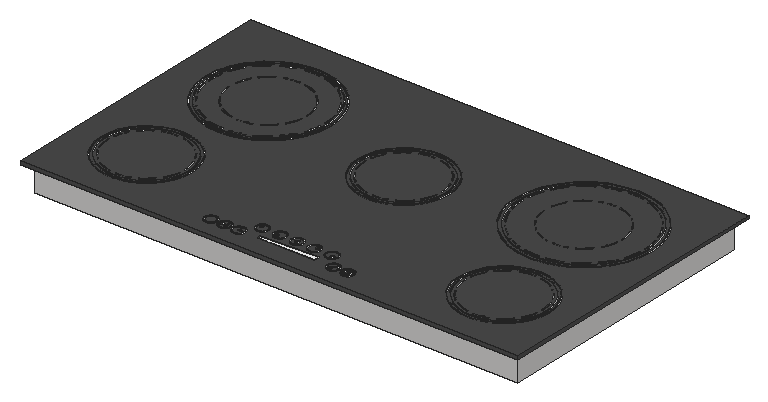
Revit family "QF_Summit_CR5B36T9B_Electric Cooktop", category Specialty Equipment, Revit 2020
Family settings
  Round Connector Dimension = Use Diameter
  Part Type = Normal
  Work Plane-Based = No
  Always vertical = Yes
  Cut with Voids When Loaded = No
  Shared = No
  Room Calculation Point = No
Parameters
  Weight in Pounds = 36
  Watts = Volts * FL Amps  # 7200 W
  Volts = 240 V
  URL Cutsheet = ""
  Specification by User = ""
  Specification by Manufacturer = ""
  Serial Number = ""
  Seismic Rating = ""
  SMACNA No = ""
  Revision Code = ""
  Phase = 1
  Number of Poles = 1
  NAFEM Spec ID Number = ""
  Model = "CR5B36T9B"
  Min Ckt Ampacity = 0 A
  Max Overcurrent Protection = 0 A
  Masterspec = ""
  Manufacturer = "Summit"
  Length = 35 1/2"
  Item Number = ""
  Installed By = ""
  Identify Quantity as Lot = yes
  Height = 2.13"
  HP = ""
  Furnished By = ""
  Foodservice Equipment Identifier = yes
  FL Amps = 30 A
  Electrical Remarks = ""
  Electric Connection Type = ""
  Elec Conn RI Height = 0"
  Elec Conn Connection Height = 0"
  Description = "Electric Cooktop"
  Depth = 20 1/2"
  Default Elevation = 0"
  Cycle = 60 Hz
  Conn Plug = ""
  Conn Conduit = yes
  CSI MasterFormat = ""
  Apparent Power = if(Phase = 3, Volts * FL Amps * 1.73, Volts * FL Amps)  # 7200 VA
Reference planes (in)
  plane 1 "BACK": y = 0
  plane 2: z = 0
  plane 3 "LEFT": x = 0
  plane 4 "RIGHT": x = 35.5
  plane 5 "FRONT": y = -20.5
  plane 6 "TOP": z = 2.13
  plane 7 "Center Y": x = 17.75
  plane 8 "Center X": y = -10.25
  plane 9: y = -19.875
  plane 10: y = -0.625
  plane 11: x = 0.5
  plane 12: x = 35
  plane 13: z = 1.88
  plane 14: z = -1
Forms (in)
  Extrusion 1, solid, material "QF_Plastic_Black_Smooth"
    sketch origin (-1.19104, -180, 1.88) x (-1, 0, 0) y (0, -1, 0)
      loop
        line (-1.19104, -180) -> (-1.19104, -159.5) -> (-36.69104, -159.5) -> (-36.69104, -180) -> (-1.19104, -180)
      loop
        circle (-18.94104, -171.46642) r 3.25
      loop
        circle (-18.94104, -171.46642) r 3.1875
      loop
        circle (-18.94104, -171.46642) r 3.01918
      loop
        circle (-18.94104, -171.46642) r 2.98793
      loop
        arc (-16.54883, -172.87489) -> (-16.33416, -172.42069) -> (-16.20486, -171.93525) r 2.77605
        line (-16.20486, -171.93525) -> (-16.23566, -171.92997)
        arc (-16.23566, -171.92997) -> (-16.3635, -172.40995) -> (-16.57576, -172.85904) r 2.7448
        line (-16.57576, -172.85904) -> (-16.54883, -172.87489)
      loop
        line (-16.80517, -173.2397) -> (-16.82921, -173.21974)
        arc (-16.82921, -173.21974) -> (-17.1654, -173.55952) -> (-17.55544, -173.83582) r 2.7448
        line (-17.55544, -173.83582) -> (-17.53966, -173.86279)
        arc (-17.53966, -173.86279) -> (-17.14519, -173.58335) -> (-16.80517, -173.2397) r 2.77605
      loop
        line (-17.9821, -174.07159) -> (-17.99289, -174.04226)
        arc (-17.99289, -174.04226) -> (-18.47424, -174.17124) -> (-18.97098, -174.21106) r 2.7448
        line (-18.97098, -174.21106) -> (-18.97098, -174.24231)
        arc (-18.97098, -174.24231) -> (-18.46876, -174.202) -> (-17.9821, -174.07159) r 2.77605
      loop
        line (-19.44184, -174.19692) -> (-19.4362, -174.16619)
        arc (-19.4362, -174.16619) -> (-19.89875, -174.03872) -> (-20.33204, -173.83265) r 2.7448
        line (-20.33204, -173.83265) -> (-20.34788, -173.85959)
        arc (-20.34788, -173.85959) -> (-19.90966, -174.068) -> (-19.44184, -174.19692) r 2.77605
      loop
        arc (-20.68976, -173.58205) -> (-21.04777, -173.22586) -> (-21.33446, -172.8101) r 2.7448
        line (-21.33446, -172.8101) -> (-21.3617, -172.8254)
        arc (-21.3617, -172.8254) -> (-21.0727, -173.24475) -> (-20.71196, -173.60425) r 2.77605
        line (-20.71196, -173.60425) -> (-20.68976, -173.58205)
      loop
        arc (-21.52712, -172.38625) -> (-21.64757, -171.92317) -> (-21.68577, -171.4462) r 2.7448
        line (-21.68577, -171.4462) -> (-21.71702, -171.4462)
        arc (-21.71702, -171.4462) -> (-21.67836, -171.92848) -> (-21.55657, -172.39673) r 2.77605
        line (-21.55657, -172.39673) -> (-21.52712, -172.38625)
      loop
        arc (-21.64607, -171.00085) -> (-21.51951, -170.52544) -> (-21.31011, -170.08027) r 2.7448
        line (-21.31011, -170.08027) -> (-21.33709, -170.06449)
        arc (-21.33709, -170.06449) -> (-21.54886, -170.51473) -> (-21.67686, -170.99555) r 2.77605
        line (-21.67686, -170.99555) -> (-21.64607, -171.00085)
      loop
        arc (-21.0469, -169.70594) -> (-20.70919, -169.367) -> (-20.31776, -169.09185) r 2.7448
        line (-20.31776, -169.09185) -> (-20.33343, -169.06481)
        arc (-20.33343, -169.06481) -> (-20.72826, -169.3422) -> (-21.06908, -169.68376) r 2.77605
        line (-21.06908, -169.68376) -> (-21.0469, -169.70594)
      loop
        arc (-19.89556, -168.89293) -> (-19.4312, -168.76574) -> (-18.95175, -168.72164) r 2.7448
        line (-18.95175, -168.72164) -> (-18.95175, -168.69039)
        arc (-18.95175, -168.69039) -> (-19.43672, -168.73498) -> (-19.90643, -168.86363) r 2.77605
        line (-19.90643, -168.86363) -> (-19.89556, -168.89293)
      loop
        arc (-18.52224, -168.75375) -> (-18.01144, -168.88382) -> (-17.53492, -169.10913) r 2.7448
        line (-17.53492, -169.10913) -> (-17.51892, -169.0823)
        arc (-17.51892, -169.0823) -> (-18.00086, -168.85442) -> (-18.51747, -168.72287) r 2.77605
        line (-18.51747, -168.72287) -> (-18.52224, -168.75375)
      loop
        arc (-17.19797, -169.34612) -> (-16.83577, -169.70523) -> (-16.54626, -170.12516) r 2.7448
        line (-16.54626, -170.12516) -> (-16.51899, -170.10989)
        arc (-16.51899, -170.10989) -> (-16.81082, -169.68635) -> (-17.17577, -169.32392) r 2.77605
        line (-17.17577, -169.32392) -> (-17.19797, -169.34612)
      loop
        arc (-16.36345, -170.52304) -> (-16.23531, -171.00493) -> (-16.19647, -171.50206) r 2.7448
        line (-16.19647, -171.50206) -> (-16.16521, -171.50206)
        arc (-16.16521, -171.50206) -> (-16.20454, -170.99948) -> (-16.3341, -170.5123) r 2.77605
        line (-16.3341, -170.5123) -> (-16.36345, -170.52304)
      loop
        circle (-30.19126, -173.46615) r 4.875
      loop
        circle (-30.19126, -173.46615) r 4.8125
      loop
        circle (-30.19126, -173.46615) r 4.60317
      loop
        circle (-30.19126, -173.46615) r 4.57192
      loop
        arc (-33.55067, -170.61218) -> (-33.87549, -171.04598) -> (-34.14463, -171.51637) r 4.40804
        line (-34.14463, -171.51637) -> (-34.1166, -171.53019)
        arc (-34.1166, -171.53019) -> (-33.85007, -171.0642) -> (-33.5285, -170.63435) r 4.37679
        line (-33.5285, -170.63435) -> (-33.55067, -170.61218)
      loop
        arc (-32.38609, -169.64339) -> (-32.82573, -169.93198) -> (-33.22787, -170.27088) r 4.40804
        line (-33.22787, -170.27088) -> (-33.20577, -170.29298)
        arc (-33.20577, -170.29298) -> (-32.80673, -169.9568) -> (-32.37053, -169.67049) r 4.37679
        line (-32.37053, -169.67049) -> (-32.38609, -169.64339)
      loop
        line (-34.29842, -171.95371) -> (-34.32775, -171.94291)
        arc (-34.32775, -171.94291) -> (-34.4786, -172.44171) -> (-34.56954, -172.95482) r 4.40804
        line (-34.56954, -172.95482) -> (-34.5385, -172.95844)
        arc (-34.5385, -172.95844) -> (-34.44821, -172.44897) -> (-34.29842, -171.95371) r 4.37679
      loop
        line (-34.56802, -173.45077) -> (-34.59927, -173.45077)
        arc (-34.59927, -173.45077) -> (-34.57069, -173.96751) -> (-34.48175, -174.47735) r 4.40804
        line (-34.48175, -174.47735) -> (-34.45133, -174.47018)
        arc (-34.45133, -174.47018) -> (-34.53965, -173.96391) -> (-34.56802, -173.45077) r 4.37679
      loop
        line (-34.31241, -174.94005) -> (-34.34184, -174.95057)
        arc (-34.34184, -174.95057) -> (-34.12961, -175.44611) -> (-33.85848, -175.91203) r 4.40804
        line (-33.85848, -175.91203) -> (-33.83248, -175.89469)
        arc (-33.83248, -175.89469) -> (-34.10169, -175.43207) -> (-34.31241, -174.94005) r 4.37679
      loop
        line (-33.56084, -176.25939) -> (-33.5849, -176.27933)
        arc (-33.5849, -176.27933) -> (-33.2044, -176.68357) -> (-32.77611, -177.03678) r 4.40804
        line (-32.77611, -177.03678) -> (-32.75373, -177.0144)
        arc (-32.75373, -177.0144) -> (-33.18121, -176.66247) -> (-33.56084, -176.25939) r 4.37679
      loop
        line (-32.41796, -177.23419) -> (-32.43386, -177.26109)
        arc (-32.43386, -177.26109) -> (-31.94732, -177.5093) -> (-31.43382, -177.69544) r 4.40804
        line (-31.43382, -177.69544) -> (-31.42502, -177.66545)
        arc (-31.42502, -177.66545) -> (-31.93487, -177.48064) -> (-32.41796, -177.23419) r 4.37679
      loop
        line (-30.97311, -177.77254) -> (-30.97869, -177.80329)
        arc (-30.97869, -177.80329) -> (-30.45041, -177.86657) -> (-29.91836, -177.86574) r 4.40804
        line (-29.91836, -177.86574) -> (-29.92029, -177.83455)
        arc (-29.92029, -177.83455) -> (-30.44858, -177.83537) -> (-30.97311, -177.77254) r 4.37679
      loop
        line (-29.45649, -177.78083) -> (-29.45125, -177.81163)
        arc (-29.45125, -177.81163) -> (-28.93019, -177.68996) -> (-28.42772, -177.50605) r 4.40804
        line (-28.42772, -177.50605) -> (-28.44022, -177.47741)
        arc (-28.44022, -177.47741) -> (-28.93913, -177.66002) -> (-29.45649, -177.78083) r 4.37679
      loop
        line (-28.00559, -177.25814) -> (-27.98999, -177.28522)
        arc (-27.98999, -177.28522) -> (-27.55416, -176.99837) -> (-27.15528, -176.66204) r 4.40804
        line (-27.15528, -176.66204) -> (-27.17739, -176.63993)
        arc (-27.17739, -176.63993) -> (-27.57318, -176.97357) -> (-28.00559, -177.25814) r 4.37679
      loop
        line (-26.84889, -176.2919) -> (-26.82502, -176.31208)
        arc (-26.82502, -176.31208) -> (-26.50597, -175.88473) -> (-26.24087, -175.42198) r 4.40804
        line (-26.24087, -175.42198) -> (-26.26887, -175.40811)
        arc (-26.26887, -175.40811) -> (-26.5321, -175.86758) -> (-26.84889, -176.2919) r 4.37679
      loop
        line (-26.09327, -175.00329) -> (-26.06401, -175.01426)
        arc (-26.06401, -175.01426) -> (-25.90511, -174.4956) -> (-25.81112, -173.96136) r 4.40804
        line (-25.81112, -173.96136) -> (-25.84217, -173.95785)
        arc (-25.84217, -173.95785) -> (-25.93549, -174.48831) -> (-26.09327, -175.00329) r 4.37679
      loop
        line (-25.81456, -173.4948) -> (-25.78331, -173.4948)
        arc (-25.78331, -173.4948) -> (-25.81396, -172.94643) -> (-25.91257, -172.40614) r 4.40804
        line (-25.91257, -172.40614) -> (-25.9429, -172.41365)
        arc (-25.9429, -172.41365) -> (-25.84498, -172.95022) -> (-25.81456, -173.4948) r 4.37679
      loop
        line (-26.07387, -171.98176) -> (-26.04447, -171.97116)
        arc (-26.04447, -171.97116) -> (-26.26009, -171.47198) -> (-26.53552, -171.00315) r 4.40804
        line (-26.53552, -171.00315) -> (-26.56143, -171.02061)
        arc (-26.56143, -171.02061) -> (-26.28795, -171.48612) -> (-26.07387, -171.98176) r 4.37679
      loop
        line (-26.84402, -170.64617) -> (-26.82184, -170.62399)
        arc (-26.82184, -170.62399) -> (-27.19653, -170.23158) -> (-27.61659, -169.88817) r 4.40804
        line (-27.61659, -169.88817) -> (-27.63484, -169.91354)
        arc (-27.63484, -169.91354) -> (-27.21679, -170.25541) -> (-26.84402, -170.64617) r 4.37679
      loop
        arc (-28.00774, -169.63691) -> (-28.48286, -169.40263) -> (-28.98266, -169.22703) r 4.40804
        line (-28.98266, -169.22703) -> (-28.99123, -169.25709)
        arc (-28.99123, -169.25709) -> (-28.49497, -169.43144) -> (-28.02322, -169.66406) r 4.37679
        line (-28.02322, -169.66406) -> (-28.00774, -169.63691)
      loop
        arc (-29.42512, -169.1252) -> (-29.96593, -169.06387) -> (-30.51017, -169.06966) r 4.40804
        line (-30.51017, -169.06966) -> (-30.51017, -169.101)
        arc (-30.51017, -169.101) -> (-29.96866, -169.09503) -> (-29.43056, -169.15597) r 4.37679
        line (-29.43056, -169.15597) -> (-29.42512, -169.1252)
      loop
        arc (-30.95802, -169.12531) -> (-31.47484, -169.24914) -> (-31.97301, -169.43426) r 4.40804
        line (-31.97301, -169.43426) -> (-31.96038, -169.46284)
        arc (-31.96038, -169.46284) -> (-31.46574, -169.27903) -> (-30.95258, -169.15608) r 4.37679
        line (-30.95258, -169.15608) -> (-30.95802, -169.12531)
      loop
        circle (-15.58271, -160.98371) r 0.42869
      loop
        circle (-15.58271, -160.98371) r 0.39744
      loop
        line (-15.53142, -160.93163) -> (-15.91011, -160.9984) -> (-15.60095, -161.02545) -> (-15.56514, -161.31706) -> (-15.53142, -160.93163)
      loop
        arc (-28.82562, -175.85311) -> (-28.41873, -175.56869) -> (-28.06961, -175.21576) r 2.75
        line (-28.06961, -175.21576) -> (-28.09372, -175.19587)
        arc (-28.09372, -175.19587) -> (-28.43887, -175.5448) -> (-28.84114, -175.82598) r 2.71875
        line (-28.84114, -175.82598) -> (-28.82562, -175.85311)
      loop
        arc (-27.8225, -174.86311) -> (-27.61447, -174.42672) -> (-27.48608, -173.96065) r 2.75
        line (-27.48608, -173.96065) -> (-27.51682, -173.95503)
        arc (-27.51682, -173.95503) -> (-27.64376, -174.41581) -> (-27.84942, -174.84724) r 2.71875
        line (-27.84942, -174.84724) -> (-27.8225, -174.86311)
      loop
        line (-29.23006, -176.0427) -> (-29.24098, -176.01342)
        arc (-29.24098, -176.01342) -> (-29.73955, -176.14712) -> (-30.2544, -176.18417) r 2.71875
        line (-30.2544, -176.18417) -> (-30.2544, -176.21543)
        arc (-30.2544, -176.21543) -> (-29.734, -176.17787) -> (-29.23006, -176.0427) r 2.75
      loop
        line (-30.64157, -176.17903) -> (-30.63645, -176.1482)
        arc (-30.63645, -176.1482) -> (-31.11903, -176.0217) -> (-31.57036, -175.80916) r 2.71875
        line (-31.57036, -175.80916) -> (-31.58621, -175.83609)
        arc (-31.58621, -175.83609) -> (-31.12969, -176.05108) -> (-30.64157, -176.17903) r 2.75
      loop
        line (-31.91687, -175.60736) -> (-31.89726, -175.58302)
        arc (-31.89726, -175.58302) -> (-32.26827, -175.22046) -> (-32.56367, -174.79404) r 2.71875
        line (-32.56367, -174.79404) -> (-32.59093, -174.8093)
        arc (-32.59093, -174.8093) -> (-32.29214, -175.24063) -> (-31.91687, -175.60736) r 2.75
      loop
        arc (-32.73494, -174.42599) -> (-32.86588, -173.95399) -> (-32.91001, -173.46615) r 2.71875
        line (-32.91001, -173.46615) -> (-32.94126, -173.46615)
        arc (-32.94126, -173.46615) -> (-32.89662, -173.95959) -> (-32.76418, -174.43702) r 2.75
        line (-32.76418, -174.43702) -> (-32.73494, -174.42599)
      loop
        arc (-32.87359, -173.02266) -> (-32.74865, -172.54348) -> (-32.53888, -172.09492) r 2.71875
        line (-32.53888, -172.09492) -> (-32.56586, -172.07916)
        arc (-32.56586, -172.07916) -> (-32.77805, -172.53288) -> (-32.90442, -173.01756) r 2.75
        line (-32.90442, -173.01756) -> (-32.87359, -173.02266)
      loop
        arc (-32.27749, -171.72282) -> (-31.93612, -171.3812) -> (-31.53969, -171.10537) r 2.71875
        line (-31.53969, -171.10537) -> (-31.55519, -171.07823)
        arc (-31.55519, -171.07823) -> (-31.95511, -171.35633) -> (-32.29968, -171.70063) r 2.75
        line (-32.29968, -171.70063) -> (-32.27749, -171.72282)
      loop
        arc (-31.12024, -170.91104) -> (-30.65344, -170.78698) -> (-30.17205, -170.74747) r 2.71875
        line (-30.17205, -170.74747) -> (-30.17205, -170.71622)
        arc (-30.17205, -170.71622) -> (-30.65886, -170.7562) -> (-31.13091, -170.88167) r 2.75
        line (-31.13091, -170.88167) -> (-31.12024, -170.91104)
      loop
        arc (-29.72401, -170.78785) -> (-29.24876, -170.91599) -> (-28.80441, -171.12772) r 2.71875
        line (-28.80441, -171.12772) -> (-28.78847, -171.10084)
        arc (-28.78847, -171.10084) -> (-29.23793, -170.88668) -> (-29.71864, -170.75707) r 2.75
        line (-29.71864, -170.75707) -> (-29.72401, -170.78785)
      loop
        line (-28.43483, -171.35015) -> (-28.45479, -171.37419)
        arc (-28.45479, -171.37419) -> (-28.10347, -171.72467) -> (-27.82171, -172.13316) r 2.71875
        line (-27.82171, -172.13316) -> (-27.79448, -172.11784)
        arc (-27.79448, -172.11784) -> (-28.07948, -171.70465) -> (-28.43483, -171.35015) r 2.75
      loop
        line (-27.6023, -172.53889) -> (-27.63172, -172.54942)
        arc (-27.63172, -172.54942) -> (-27.52842, -172.91759) -> (-27.4778, -173.29661) r 2.71875
        line (-27.4778, -173.29661) -> (-27.44649, -173.29661)
        arc (-27.44649, -173.29661) -> (-27.49762, -172.91224) -> (-27.6023, -172.53889) r 2.75
      loop
        circle (-7.70729, -173.46615) r 4.5
      loop
        circle (-7.70729, -173.46615) r 4.4375
      loop
        circle (-7.70729, -173.46615) r 4.25
      loop
        circle (-7.70729, -173.46615) r 4.21875
      loop
        arc (-3.72876, -174.27175) -> (-3.65752, -173.74377) -> (-3.65604, -173.211) r 4.05928
        line (-3.65604, -173.211) -> (-3.68735, -173.211)
        arc (-3.68735, -173.211) -> (-3.68863, -173.74065) -> (-3.75938, -174.26555) r 4.02803
        line (-3.75938, -174.26555) -> (-3.72876, -174.27175)
      loop
        line (-3.84372, -174.71137) -> (-3.87347, -174.70178)
        arc (-3.87347, -174.70178) -> (-4.06017, -175.17599) -> (-4.30527, -175.62282) r 4.02803
        line (-4.30527, -175.62282) -> (-4.27887, -175.63956)
        arc (-4.27887, -175.63956) -> (-4.03188, -175.18925) -> (-3.84372, -174.71137) r 4.05928
      loop
        line (-4.53665, -176.00087) -> (-4.56106, -175.98136)
        arc (-4.56106, -175.98136) -> (-4.91272, -176.36708) -> (-5.3113, -176.70409) r 4.02803
        line (-5.3113, -176.70409) -> (-5.29271, -176.72921)
        arc (-5.29271, -176.72921) -> (-4.89104, -176.38958) -> (-4.53665, -176.00087) r 4.05928
      loop
        line (-5.69271, -176.99024) -> (-5.70822, -176.96311)
        arc (-5.70822, -176.96311) -> (-6.15489, -177.18302) -> (-6.62528, -177.34614) r 4.02803
        line (-6.62528, -177.34614) -> (-6.61689, -177.37624)
        arc (-6.61689, -177.37624) -> (-6.14285, -177.21185) -> (-5.69271, -176.99024) r 4.05928
      loop
        line (-7.09267, -177.47863) -> (-7.0974, -177.44774)
        arc (-7.0974, -177.44774) -> (-7.62153, -177.49327) -> (-8.14713, -177.4701) r 4.02803
        line (-8.14713, -177.4701) -> (-8.15054, -177.50116)
        arc (-8.15054, -177.50116) -> (-7.62087, -177.52451) -> (-7.09267, -177.47863) r 4.05928
      loop
        line (-8.56631, -177.4335) -> (-8.55969, -177.40296)
        arc (-8.55969, -177.40296) -> (-9.06866, -177.25716) -> (-9.5541, -177.04586) r 4.02803
        line (-9.5541, -177.04586) -> (-9.56843, -177.07364)
        arc (-9.56843, -177.07364) -> (-9.07922, -177.28657) -> (-8.56631, -177.4335) r 4.05928
      loop
        line (-9.97421, -176.83347) -> (-9.95676, -176.80755)
        arc (-9.95676, -176.80755) -> (-10.34054, -176.51427) -> (-10.68646, -176.17716) r 4.02803
        line (-10.68646, -176.17716) -> (-10.70859, -176.19928)
        arc (-10.70859, -176.19928) -> (-10.36041, -176.5384) -> (-9.97421, -176.83347) r 4.05928
      loop
        line (-11.00572, -175.83219) -> (-10.98032, -175.81398)
        arc (-10.98032, -175.81398) -> (-11.25324, -175.37698) -> (-11.46815, -174.90871) r 4.02803
        line (-11.46815, -174.90871) -> (-11.49733, -174.9199)
        arc (-11.49733, -174.9199) -> (-11.28075, -175.3918) -> (-11.00572, -175.83219) r 4.05928
      loop
        line (-11.63951, -174.47384) -> (-11.60923, -174.46609)
        arc (-11.60923, -174.46609) -> (-11.70368, -173.97008) -> (-11.73532, -173.46615) r 4.02803
        line (-11.73532, -173.46615) -> (-11.76657, -173.46615)
        arc (-11.76657, -173.46615) -> (-11.73468, -173.97399) -> (-11.63951, -174.47384) r 4.05928
      loop
        line (-11.74134, -173.01425) -> (-11.71028, -173.01773)
        arc (-11.71028, -173.01773) -> (-11.61898, -172.50505) -> (-11.4623, -172.00844) r 4.02803
        line (-11.4623, -172.00844) -> (-11.49143, -171.99713)
        arc (-11.49143, -171.99713) -> (-11.64933, -172.4976) -> (-11.74134, -173.01425) r 4.05928
      loop
        line (-11.29076, -171.55919) -> (-11.26317, -171.57387)
        arc (-11.26317, -171.57387) -> (-10.99874, -171.14422) -> (-10.68268, -170.75099) r 4.02803
        line (-10.68268, -170.75099) -> (-10.7048, -170.72887)
        arc (-10.7048, -170.72887) -> (-11.02387, -171.12562) -> (-11.29076, -171.55919) r 4.05928
      loop
        line (-10.37148, -170.40349) -> (-10.34933, -170.42565)
        arc (-10.34933, -170.42565) -> (-9.94734, -170.11844) -> (-9.51001, -169.86404) r 4.02803
        line (-9.51001, -169.86404) -> (-9.524, -169.83609)
        arc (-9.524, -169.83609) -> (-9.96563, -170.09307) -> (-10.37148, -170.40349) r 4.05928
      loop
        line (-9.14096, -169.66847) -> (-9.12992, -169.69771)
        arc (-9.12992, -169.69771) -> (-8.61247, -169.54115) -> (-8.07871, -169.45528) r 4.02803
        line (-8.07871, -169.45528) -> (-8.08159, -169.42417)
        arc (-8.08159, -169.42417) -> (-8.61949, -169.5107) -> (-9.14096, -169.66847) r 4.05928
      loop
        line (-7.65885, -169.40716) -> (-7.65885, -169.43841)
        arc (-7.65885, -169.43841) -> (-7.12352, -169.48065) -> (-6.59858, -169.59372) r 4.02803
        line (-6.59858, -169.59372) -> (-6.58997, -169.56367)
        arc (-6.58997, -169.56367) -> (-7.11918, -169.4497) -> (-7.65885, -169.40716) r 4.05928
      loop
        line (-6.18841, -169.70175) -> (-6.2001, -169.73073)
        arc (-6.2001, -169.73073) -> (-5.72935, -169.9572) -> (-5.29187, -170.24268) r 4.02803
        line (-5.29187, -170.24268) -> (-5.27313, -170.21768)
        arc (-5.27313, -170.21768) -> (-5.71401, -169.92997) -> (-6.18841, -169.70175) r 4.05928
      loop
        line (-4.90686, -170.52756) -> (-4.92896, -170.54966)
        arc (-4.92896, -170.54966) -> (-4.57887, -170.92884) -> (-4.28012, -171.34967) r 4.02803
        line (-4.28012, -171.34967) -> (-4.25353, -171.33325)
        arc (-4.25353, -171.33325) -> (-4.55436, -170.90945) -> (-4.90686, -170.52756) r 4.05928
      loop
        line (-4.03316, -171.74032) -> (-4.06145, -171.75361)
        arc (-4.06145, -171.75361) -> (-3.87457, -172.22709) -> (-3.74891, -172.72036) r 4.02803
        line (-3.74891, -172.72036) -> (-3.7182, -172.71457)
        arc (-3.7182, -172.71457) -> (-3.84484, -172.21748) -> (-4.03316, -171.74032) r 4.05928
      loop
        arc (-6.34166, -175.85311) -> (-5.93477, -175.56869) -> (-5.58564, -175.21576) r 2.75
        line (-5.58564, -175.21576) -> (-5.60975, -175.19587)
        arc (-5.60975, -175.19587) -> (-5.95491, -175.5448) -> (-6.35718, -175.82598) r 2.71875
        line (-6.35718, -175.82598) -> (-6.34166, -175.85311)
      loop
        arc (-5.33854, -174.86311) -> (-5.13051, -174.42672) -> (-5.00212, -173.96065) r 2.75
        line (-5.00212, -173.96065) -> (-5.03286, -173.95503)
        arc (-5.03286, -173.95503) -> (-5.15979, -174.41581) -> (-5.36546, -174.84724) r 2.71875
        line (-5.36546, -174.84724) -> (-5.33854, -174.86311)
      loop
        line (-6.7461, -176.0427) -> (-6.75702, -176.01342)
        arc (-6.75702, -176.01342) -> (-7.25559, -176.14712) -> (-7.77043, -176.18417) r 2.71875
        line (-7.77043, -176.18417) -> (-7.77043, -176.21543)
        arc (-7.77043, -176.21543) -> (-7.25004, -176.17787) -> (-6.7461, -176.0427) r 2.75
      loop
        line (-8.15761, -176.17903) -> (-8.15249, -176.1482)
        arc (-8.15249, -176.1482) -> (-8.63506, -176.0217) -> (-9.0864, -175.80916) r 2.71875
        line (-9.0864, -175.80916) -> (-9.10225, -175.83609)
        arc (-9.10225, -175.83609) -> (-8.64573, -176.05108) -> (-8.15761, -176.17903) r 2.75
      loop
        line (-9.43291, -175.60736) -> (-9.4133, -175.58302)
        arc (-9.4133, -175.58302) -> (-9.78431, -175.22046) -> (-10.0797, -174.79404) r 2.71875
        line (-10.0797, -174.79404) -> (-10.10697, -174.8093)
        arc (-10.10697, -174.8093) -> (-9.80818, -175.24063) -> (-9.43291, -175.60736) r 2.75
      loop
        arc (-10.25098, -174.42599) -> (-10.38192, -173.95399) -> (-10.42604, -173.46615) r 2.71875
        line (-10.42604, -173.46615) -> (-10.45729, -173.46615)
        arc (-10.45729, -173.46615) -> (-10.41266, -173.95959) -> (-10.28021, -174.43702) r 2.75
        line (-10.28021, -174.43702) -> (-10.25098, -174.42599)
      loop
        arc (-10.38963, -173.02266) -> (-10.26469, -172.54348) -> (-10.05491, -172.09492) r 2.71875
        line (-10.05491, -172.09492) -> (-10.0819, -172.07916)
        arc (-10.0819, -172.07916) -> (-10.29409, -172.53288) -> (-10.42046, -173.01756) r 2.75
        line (-10.42046, -173.01756) -> (-10.38963, -173.02266)
      loop
        arc (-9.79353, -171.72282) -> (-9.45216, -171.3812) -> (-9.05573, -171.10537) r 2.71875
        line (-9.05573, -171.10537) -> (-9.07123, -171.07823)
        arc (-9.07123, -171.07823) -> (-9.47114, -171.35633) -> (-9.81571, -171.70063) r 2.75
        line (-9.81571, -171.70063) -> (-9.79353, -171.72282)
      loop
        arc (-8.63627, -170.91104) -> (-8.16948, -170.78698) -> (-7.68809, -170.74747) r 2.71875
        line (-7.68809, -170.74747) -> (-7.68809, -170.71622)
        arc (-7.68809, -170.71622) -> (-8.1749, -170.7562) -> (-8.64695, -170.88167) r 2.75
        line (-8.64695, -170.88167) -> (-8.63627, -170.91104)
      loop
        arc (-7.24005, -170.78785) -> (-6.7648, -170.91599) -> (-6.32045, -171.12772) r 2.71875
        line (-6.32045, -171.12772) -> (-6.3045, -171.10084)
        arc (-6.3045, -171.10084) -> (-6.75397, -170.88668) -> (-7.23468, -170.75707) r 2.75
        line (-7.23468, -170.75707) -> (-7.24005, -170.78785)
      loop
        line (-5.95087, -171.35015) -> (-5.97083, -171.37419)
        arc (-5.97083, -171.37419) -> (-5.61951, -171.72467) -> (-5.33775, -172.13316) r 2.71875
        line (-5.33775, -172.13316) -> (-5.31051, -172.11784)
        arc (-5.31051, -172.11784) -> (-5.59551, -171.70465) -> (-5.95087, -171.35015) r 2.75
      loop
        line (-5.11834, -172.53889) -> (-5.14776, -172.54942)
        arc (-5.14776, -172.54942) -> (-5.04446, -172.91759) -> (-4.99383, -173.29661) r 2.71875
        line (-4.99383, -173.29661) -> (-4.96252, -173.29661)
        arc (-4.96252, -173.29661) -> (-5.01366, -172.91224) -> (-5.11834, -172.53889) r 2.75
      loop
        circle (-6.19734, -164.48395) r 3.25
      loop
        circle (-6.19734, -164.48395) r 3.1875
      loop
        circle (-6.19734, -164.48395) r 3.01918
      loop
        circle (-6.19734, -164.48395) r 2.98793
      loop
        arc (-3.80513, -165.89243) -> (-3.59046, -165.43823) -> (-3.46116, -164.95278) r 2.77605
        line (-3.46116, -164.95278) -> (-3.49196, -164.9475)
        arc (-3.49196, -164.9475) -> (-3.6198, -165.42749) -> (-3.83205, -165.87657) r 2.7448
        line (-3.83205, -165.87657) -> (-3.80513, -165.89243)
      loop
        line (-4.06147, -166.25724) -> (-4.08551, -166.23728)
        arc (-4.08551, -166.23728) -> (-4.4217, -166.57705) -> (-4.81173, -166.85335) r 2.7448
        line (-4.81173, -166.85335) -> (-4.79596, -166.88033)
        arc (-4.79596, -166.88033) -> (-4.40148, -166.60088) -> (-4.06147, -166.25724) r 2.77605
      loop
        line (-5.2384, -167.08912) -> (-5.24919, -167.05979)
        arc (-5.24919, -167.05979) -> (-5.73054, -167.18877) -> (-6.22728, -167.22859) r 2.7448
        line (-6.22728, -167.22859) -> (-6.22728, -167.25984)
        arc (-6.22728, -167.25984) -> (-5.72506, -167.21954) -> (-5.2384, -167.08912) r 2.77605
      loop
        line (-6.69813, -167.21446) -> (-6.6925, -167.18372)
        arc (-6.6925, -167.18372) -> (-7.15505, -167.05625) -> (-7.58834, -166.85018) r 2.7448
        line (-7.58834, -166.85018) -> (-7.60418, -166.87712)
        arc (-7.60418, -166.87712) -> (-7.16596, -167.08554) -> (-6.69813, -167.21446) r 2.77605
      loop
        arc (-7.94606, -166.59958) -> (-8.30407, -166.24339) -> (-8.59075, -165.82764) r 2.7448
        line (-8.59075, -165.82764) -> (-8.618, -165.84294)
        arc (-8.618, -165.84294) -> (-8.329, -166.26228) -> (-7.96826, -166.62178) r 2.77605
        line (-7.96826, -166.62178) -> (-7.94606, -166.59958)
      loop
        arc (-8.78342, -165.40379) -> (-8.90387, -164.9407) -> (-8.94206, -164.46374) r 2.7448
        line (-8.94206, -164.46374) -> (-8.97331, -164.46374)
        arc (-8.97331, -164.46374) -> (-8.93466, -164.94602) -> (-8.81286, -165.41426) r 2.77605
        line (-8.81286, -165.41426) -> (-8.78342, -165.40379)
      loop
        arc (-8.90236, -164.01838) -> (-8.77581, -163.54298) -> (-8.56641, -163.0978) r 2.7448
        line (-8.56641, -163.0978) -> (-8.59338, -163.08202)
        arc (-8.59338, -163.08202) -> (-8.80516, -163.53226) -> (-8.93316, -164.01308) r 2.77605
        line (-8.93316, -164.01308) -> (-8.90236, -164.01838)
      loop
        arc (-8.3032, -162.72347) -> (-7.96549, -162.38453) -> (-7.57406, -162.10938) r 2.7448
        line (-7.57406, -162.10938) -> (-7.58973, -162.08235)
        arc (-7.58973, -162.08235) -> (-7.98455, -162.35973) -> (-8.32538, -162.70129) r 2.77605
        line (-8.32538, -162.70129) -> (-8.3032, -162.72347)
      loop
        arc (-7.15186, -161.91047) -> (-6.68749, -161.78327) -> (-6.20805, -161.73917) r 2.7448
        line (-6.20805, -161.73917) -> (-6.20805, -161.70792)
        arc (-6.20805, -161.70792) -> (-6.69301, -161.75251) -> (-7.16273, -161.88117) r 2.77605
        line (-7.16273, -161.88117) -> (-7.15186, -161.91047)
      loop
        arc (-5.77854, -161.77129) -> (-5.26774, -161.90136) -> (-4.79122, -162.12667) r 2.7448
        line (-4.79122, -162.12667) -> (-4.77521, -162.09983)
        arc (-4.77521, -162.09983) -> (-5.25716, -161.87195) -> (-5.77377, -161.7404) r 2.77605
        line (-5.77377, -161.7404) -> (-5.77854, -161.77129)
      loop
        arc (-4.45427, -162.36365) -> (-4.09206, -162.72277) -> (-3.80256, -163.14269) r 2.7448
        line (-3.80256, -163.14269) -> (-3.77529, -163.12742)
        arc (-3.77529, -163.12742) -> (-4.06712, -162.70389) -> (-4.43207, -162.34145) r 2.77605
        line (-4.43207, -162.34145) -> (-4.45427, -162.36365)
      loop
        arc (-3.61974, -163.54057) -> (-3.49161, -164.02247) -> (-3.45276, -164.51959) r 2.7448
        line (-3.45276, -164.51959) -> (-3.42151, -164.51959)
        arc (-3.42151, -164.51959) -> (-3.46083, -164.01701) -> (-3.5904, -163.52983) r 2.77605
        line (-3.5904, -163.52983) -> (-3.61974, -163.54057)
      loop
        circle (-16.45721, -161.9833) r 0.42869
      loop
        circle (-16.45721, -161.9833) r 0.39744
      loop
        circle (-16.29616, -162.14539) r 0.13534
      loop
        circle (-17.72154, -161.9833) r 0.42869
      loop
        circle (-17.72154, -161.9833) r 0.39744
      loop
        circle (-17.56049, -161.82122) r 0.13534
      loop
        circle (-18.94104, -161.9833) r 0.42869
      loop
        circle (-18.94104, -161.9833) r 0.39744
      loop
        circle (-18.94104, -161.9833) r 0.13534
      loop
        circle (-21.42486, -161.9833) r 0.42869
      loop
        circle (-21.42486, -161.9833) r 0.39744
      loop
        circle (-20.16053, -161.9833) r 0.42869
      loop
        circle (-20.16053, -161.9833) r 0.39744
      loop
        circle (-20.32159, -162.14539) r 0.13534
      loop
        circle (-21.58592, -161.82122) r 0.13534
      loop
        circle (-22.32362, -160.98371) r 0.42869
      loop
        circle (-22.32362, -160.98371) r 0.39744
      loop
        arc (-22.48911, -161.10638) -> (-22.56415, -161.22545) -> (-22.44508, -161.15041) r 0.07216
        line (-22.44508, -161.15041) -> (-22.08326, -160.78859) -> (-22.12729, -160.74456) -> (-22.48911, -161.10638)
      loop
        circle (-23.34679, -160.98371) r 0.42869
      loop
        circle (-23.34679, -160.98371) r 0.36619
      loop
        arc (-23.30114, -161.2295) -> (-23.34679, -160.73371) -> (-23.39244, -161.2295) r 0.25
        line (-23.39244, -161.2295) -> (-23.39244, -161.31685) -> (-23.30114, -161.31685) -> (-23.30114, -161.2295)
      loop
        arc (-23.30114, -161.16556) -> (-23.34679, -160.79621) -> (-23.39244, -161.16556) r 0.1875
        line (-23.39244, -161.16556) -> (-23.39244, -161.03933) -> (-23.30114, -161.03933) -> (-23.30114, -161.16556)
      loop
        circle (-14.58853, -160.98371) r 0.42869
      loop
        circle (-14.58853, -160.98371) r 0.39744
      loop
        line (-14.63068, -161.18585) -> (-14.63068, -160.81214) -> (-14.75929, -160.81214) -> (-14.75929, -161.18585) -> (-14.63068, -161.18585)
      loop
        line (-14.60455, -160.99899) -> (-14.35436, -161.13767) -> (-14.35436, -160.86031) -> (-14.60455, -160.99899)
      loop
        circle (-13.58853, -160.98371) r 0.42869
      loop
        circle (-13.58853, -160.98371) r 0.36619
      loop
        line (-16.95404, -161.18247) -> (-16.95404, -160.96725) -> (-20.98473, -160.96725) -> (-20.98473, -161.38465) -> (-16.95404, -161.18247)
      loop
        circle (-31.68887, -164.48395) r 3.25
      loop
        circle (-31.68887, -164.48395) r 3.1875
      loop
        circle (-31.68887, -164.48395) r 3.01918
      loop
        circle (-31.68887, -164.48395) r 2.98793
      loop
        arc (-29.29666, -165.89243) -> (-29.08199, -165.43823) -> (-28.95269, -164.95278) r 2.77605
        line (-28.95269, -164.95278) -> (-28.98349, -164.9475)
        arc (-28.98349, -164.9475) -> (-29.11133, -165.42749) -> (-29.32359, -165.87657) r 2.7448
        line (-29.32359, -165.87657) -> (-29.29666, -165.89243)
      loop
        line (-29.553, -166.25724) -> (-29.57705, -166.23728)
        arc (-29.57705, -166.23728) -> (-29.91323, -166.57705) -> (-30.30327, -166.85335) r 2.7448
        line (-30.30327, -166.85335) -> (-30.28749, -166.88033)
        arc (-30.28749, -166.88033) -> (-29.89302, -166.60088) -> (-29.553, -166.25724) r 2.77605
      loop
        line (-30.72993, -167.08912) -> (-30.74072, -167.05979)
        arc (-30.74072, -167.05979) -> (-31.22208, -167.18877) -> (-31.71881, -167.22859) r 2.7448
        line (-31.71881, -167.22859) -> (-31.71881, -167.25984)
        arc (-31.71881, -167.25984) -> (-31.21659, -167.21954) -> (-30.72993, -167.08912) r 2.77605
      loop
        line (-32.18967, -167.21446) -> (-32.18403, -167.18372)
        arc (-32.18403, -167.18372) -> (-32.64659, -167.05625) -> (-33.07988, -166.85018) r 2.7448
        line (-33.07988, -166.85018) -> (-33.09571, -166.87712)
        arc (-33.09571, -166.87712) -> (-32.65749, -167.08554) -> (-32.18967, -167.21446) r 2.77605
      loop
        arc (-33.43759, -166.59958) -> (-33.7956, -166.24339) -> (-34.08229, -165.82764) r 2.7448
        line (-34.08229, -165.82764) -> (-34.10954, -165.84294)
        arc (-34.10954, -165.84294) -> (-33.82054, -166.26228) -> (-33.45979, -166.62178) r 2.77605
        line (-33.45979, -166.62178) -> (-33.43759, -166.59958)
      loop
        arc (-34.27495, -165.40379) -> (-34.3954, -164.9407) -> (-34.4336, -164.46374) r 2.7448
        line (-34.4336, -164.46374) -> (-34.46485, -164.46374)
        arc (-34.46485, -164.46374) -> (-34.4262, -164.94602) -> (-34.3044, -165.41426) r 2.77605
        line (-34.3044, -165.41426) -> (-34.27495, -165.40379)
      loop
        arc (-34.3939, -164.01838) -> (-34.26734, -163.54298) -> (-34.05795, -163.0978) r 2.7448
        line (-34.05795, -163.0978) -> (-34.08492, -163.08202)
        arc (-34.08492, -163.08202) -> (-34.29669, -163.53226) -> (-34.4247, -164.01308) r 2.77605
        line (-34.4247, -164.01308) -> (-34.3939, -164.01838)
      loop
        arc (-33.79473, -162.72347) -> (-33.45702, -162.38453) -> (-33.06559, -162.10938) r 2.7448
        line (-33.06559, -162.10938) -> (-33.08126, -162.08235)
        arc (-33.08126, -162.08235) -> (-33.47609, -162.35973) -> (-33.81692, -162.70129) r 2.77605
        line (-33.81692, -162.70129) -> (-33.79473, -162.72347)
      loop
        arc (-32.64339, -161.91047) -> (-32.17903, -161.78327) -> (-31.69958, -161.73917) r 2.7448
        line (-31.69958, -161.73917) -> (-31.69958, -161.70792)
        arc (-31.69958, -161.70792) -> (-32.18455, -161.75251) -> (-32.65426, -161.88117) r 2.77605
        line (-32.65426, -161.88117) -> (-32.64339, -161.91047)
      loop
        arc (-31.27007, -161.77129) -> (-30.75927, -161.90136) -> (-30.28276, -162.12667) r 2.7448
        line (-30.28276, -162.12667) -> (-30.26675, -162.09983)
        arc (-30.26675, -162.09983) -> (-30.74869, -161.87195) -> (-31.26531, -161.7404) r 2.77605
        line (-31.26531, -161.7404) -> (-31.27007, -161.77129)
      loop
        arc (-29.9458, -162.36365) -> (-29.5836, -162.72277) -> (-29.29409, -163.14269) r 2.7448
        line (-29.29409, -163.14269) -> (-29.26682, -163.12742)
        arc (-29.26682, -163.12742) -> (-29.55865, -162.70389) -> (-29.9236, -162.34145) r 2.77605
        line (-29.9236, -162.34145) -> (-29.9458, -162.36365)
      loop
        arc (-29.11128, -163.54057) -> (-28.98314, -164.02247) -> (-28.9443, -164.51959) r 2.7448
        line (-28.9443, -164.51959) -> (-28.91304, -164.51959)
        arc (-28.91304, -164.51959) -> (-28.95237, -164.01701) -> (-29.08193, -163.52983) r 2.77605
        line (-29.08193, -163.52983) -> (-29.11128, -163.54057)
    from 0 to 0.25
  Extrusion 2, solid, material "QF_Plastic_White_Smooth"
    sketch origin (-1.19104, -180, 1.88) x (-1, 0, 0) y (0, -1, 0)
      loop
        circle (-7.70729, -173.46615) r 4.5
      loop
        circle (-7.70729, -173.46615) r 4.4375
      loop
        circle (-7.70729, -173.46615) r 4.25
      loop
        circle (-7.70729, -173.46615) r 4.21875
      loop
        line (-3.65604, -173.211) -> (-3.68735, -173.211)
        arc (-3.68735, -173.211) -> (-3.68863, -173.74065) -> (-3.75938, -174.26555) r 4.02803
        line (-3.75938, -174.26555) -> (-3.72876, -174.27175)
        arc (-3.72876, -174.27175) -> (-3.65752, -173.74377) -> (-3.65604, -173.211) r 4.05928
      loop
        line (-3.84372, -174.71137) -> (-3.87347, -174.70178)
        arc (-3.87347, -174.70178) -> (-4.06017, -175.17599) -> (-4.30527, -175.62282) r 4.02803
        line (-4.30527, -175.62282) -> (-4.27887, -175.63956)
        arc (-4.27887, -175.63956) -> (-4.03188, -175.18925) -> (-3.84372, -174.71137) r 4.05928
      loop
        line (-4.53665, -176.00087) -> (-4.56106, -175.98136)
        arc (-4.56106, -175.98136) -> (-4.91272, -176.36708) -> (-5.3113, -176.70409) r 4.02803
        line (-5.3113, -176.70409) -> (-5.29271, -176.72921)
        arc (-5.29271, -176.72921) -> (-4.89104, -176.38958) -> (-4.53665, -176.00087) r 4.05928
      loop
        line (-5.69271, -176.99024) -> (-5.70822, -176.96311)
        arc (-5.70822, -176.96311) -> (-6.15489, -177.18302) -> (-6.62528, -177.34614) r 4.02803
        line (-6.62528, -177.34614) -> (-6.61689, -177.37624)
        arc (-6.61689, -177.37624) -> (-6.14285, -177.21185) -> (-5.69271, -176.99024) r 4.05928
      loop
        line (-7.09267, -177.47863) -> (-7.0974, -177.44774)
        arc (-7.0974, -177.44774) -> (-7.62153, -177.49327) -> (-8.14713, -177.4701) r 4.02803
        line (-8.14713, -177.4701) -> (-8.15054, -177.50116)
        arc (-8.15054, -177.50116) -> (-7.62087, -177.52451) -> (-7.09267, -177.47863) r 4.05928
      loop
        line (-8.56631, -177.4335) -> (-8.55969, -177.40296)
        arc (-8.55969, -177.40296) -> (-9.06866, -177.25716) -> (-9.5541, -177.04586) r 4.02803
        line (-9.5541, -177.04586) -> (-9.56843, -177.07364)
        arc (-9.56843, -177.07364) -> (-9.07922, -177.28657) -> (-8.56631, -177.4335) r 4.05928
      loop
        line (-10.68646, -176.17716) -> (-10.70859, -176.19928)
        arc (-10.70859, -176.19928) -> (-10.36041, -176.5384) -> (-9.97421, -176.83347) r 4.05928
        line (-9.97421, -176.83347) -> (-9.95676, -176.80755)
        arc (-9.95676, -176.80755) -> (-10.34054, -176.51427) -> (-10.68646, -176.17716) r 4.02803
      loop
        line (-11.46815, -174.90871) -> (-11.49733, -174.9199)
        arc (-11.49733, -174.9199) -> (-11.28075, -175.3918) -> (-11.00572, -175.83219) r 4.05928
        line (-11.00572, -175.83219) -> (-10.98032, -175.81398)
        arc (-10.98032, -175.81398) -> (-11.25324, -175.37698) -> (-11.46815, -174.90871) r 4.02803
      loop
        line (-11.63951, -174.47384) -> (-11.60923, -174.46609)
        arc (-11.60923, -174.46609) -> (-11.70368, -173.97008) -> (-11.73532, -173.46615) r 4.02803
        line (-11.73532, -173.46615) -> (-11.76657, -173.46615)
        arc (-11.76657, -173.46615) -> (-11.73468, -173.97399) -> (-11.63951, -174.47384) r 4.05928
      loop
        line (-11.74134, -173.01425) -> (-11.71028, -173.01773)
        arc (-11.71028, -173.01773) -> (-11.61898, -172.50505) -> (-11.4623, -172.00844) r 4.02803
        line (-11.4623, -172.00844) -> (-11.49143, -171.99713)
        arc (-11.49143, -171.99713) -> (-11.64933, -172.4976) -> (-11.74134, -173.01425) r 4.05928
      loop
        line (-11.29076, -171.55919) -> (-11.26317, -171.57387)
        arc (-11.26317, -171.57387) -> (-10.99874, -171.14422) -> (-10.68268, -170.75099) r 4.02803
        line (-10.68268, -170.75099) -> (-10.7048, -170.72887)
        arc (-10.7048, -170.72887) -> (-11.02387, -171.12562) -> (-11.29076, -171.55919) r 4.05928
      loop
        line (-10.37148, -170.40349) -> (-10.34933, -170.42565)
        arc (-10.34933, -170.42565) -> (-9.94734, -170.11844) -> (-9.51001, -169.86404) r 4.02803
        line (-9.51001, -169.86404) -> (-9.524, -169.83609)
        arc (-9.524, -169.83609) -> (-9.96563, -170.09307) -> (-10.37148, -170.40349) r 4.05928
      loop
        line (-9.14096, -169.66847) -> (-9.12992, -169.69771)
        arc (-9.12992, -169.69771) -> (-8.61247, -169.54115) -> (-8.07871, -169.45528) r 4.02803
        line (-8.07871, -169.45528) -> (-8.08159, -169.42417)
        arc (-8.08159, -169.42417) -> (-8.61949, -169.5107) -> (-9.14096, -169.66847) r 4.05928
      loop
        line (-7.65885, -169.40716) -> (-7.65885, -169.43841)
        arc (-7.65885, -169.43841) -> (-7.12352, -169.48065) -> (-6.59858, -169.59372) r 4.02803
        line (-6.59858, -169.59372) -> (-6.58997, -169.56367)
        arc (-6.58997, -169.56367) -> (-7.11918, -169.4497) -> (-7.65885, -169.40716) r 4.05928
      loop
        line (-6.18841, -169.70175) -> (-6.2001, -169.73073)
        arc (-6.2001, -169.73073) -> (-5.72935, -169.9572) -> (-5.29187, -170.24268) r 4.02803
        line (-5.29187, -170.24268) -> (-5.27313, -170.21768)
        arc (-5.27313, -170.21768) -> (-5.71401, -169.92997) -> (-6.18841, -169.70175) r 4.05928
      loop
        line (-4.90686, -170.52756) -> (-4.92896, -170.54966)
        arc (-4.92896, -170.54966) -> (-4.57887, -170.92884) -> (-4.28012, -171.34967) r 4.02803
        line (-4.28012, -171.34967) -> (-4.25353, -171.33325)
        arc (-4.25353, -171.33325) -> (-4.55436, -170.90945) -> (-4.90686, -170.52756) r 4.05928
      loop
        line (-4.03316, -171.74032) -> (-4.06145, -171.75361)
        arc (-4.06145, -171.75361) -> (-3.87457, -172.22709) -> (-3.74891, -172.72036) r 4.02803
        line (-3.74891, -172.72036) -> (-3.7182, -172.71457)
        arc (-3.7182, -172.71457) -> (-3.84484, -172.21748) -> (-4.03316, -171.74032) r 4.05928
      loop
        line (-5.36546, -174.84724) -> (-5.33854, -174.86311)
        arc (-5.33854, -174.86311) -> (-5.13051, -174.42672) -> (-5.00212, -173.96065) r 2.75
        line (-5.00212, -173.96065) -> (-5.03286, -173.95503)
        arc (-5.03286, -173.95503) -> (-5.15979, -174.41581) -> (-5.36546, -174.84724) r 2.71875
      loop
        line (-6.35718, -175.82598) -> (-6.34166, -175.85311)
        arc (-6.34166, -175.85311) -> (-5.93477, -175.56869) -> (-5.58564, -175.21576) r 2.75
        line (-5.58564, -175.21576) -> (-5.60975, -175.19587)
        arc (-5.60975, -175.19587) -> (-5.95491, -175.5448) -> (-6.35718, -175.82598) r 2.71875
      loop
        line (-7.77043, -176.18417) -> (-7.77043, -176.21543)
        arc (-7.77043, -176.21543) -> (-7.25004, -176.17787) -> (-6.7461, -176.0427) r 2.75
        line (-6.7461, -176.0427) -> (-6.75702, -176.01342)
        arc (-6.75702, -176.01342) -> (-7.25559, -176.14712) -> (-7.77043, -176.18417) r 2.71875
      loop
        line (-9.0864, -175.80916) -> (-9.10225, -175.83609)
        arc (-9.10225, -175.83609) -> (-8.64573, -176.05108) -> (-8.15761, -176.17903) r 2.75
        line (-8.15761, -176.17903) -> (-8.15249, -176.1482)
        arc (-8.15249, -176.1482) -> (-8.63506, -176.0217) -> (-9.0864, -175.80916) r 2.71875
      loop
        line (-10.0797, -174.79404) -> (-10.10697, -174.8093)
        arc (-10.10697, -174.8093) -> (-9.80818, -175.24063) -> (-9.43291, -175.60736) r 2.75
        line (-9.43291, -175.60736) -> (-9.4133, -175.58302)
        arc (-9.4133, -175.58302) -> (-9.78431, -175.22046) -> (-10.0797, -174.79404) r 2.71875
      loop
        line (-10.42604, -173.46615) -> (-10.45729, -173.46615)
        arc (-10.45729, -173.46615) -> (-10.41266, -173.95959) -> (-10.28021, -174.43702) r 2.75
        line (-10.28021, -174.43702) -> (-10.25098, -174.42599)
        arc (-10.25098, -174.42599) -> (-10.38192, -173.95399) -> (-10.42604, -173.46615) r 2.71875
      loop
        line (-10.42046, -173.01756) -> (-10.38963, -173.02266)
        arc (-10.38963, -173.02266) -> (-10.26469, -172.54348) -> (-10.05491, -172.09492) r 2.71875
        line (-10.05491, -172.09492) -> (-10.0819, -172.07916)
        arc (-10.0819, -172.07916) -> (-10.29409, -172.53288) -> (-10.42046, -173.01756) r 2.75
      loop
        line (-9.81571, -171.70063) -> (-9.79353, -171.72282)
        arc (-9.79353, -171.72282) -> (-9.45216, -171.3812) -> (-9.05573, -171.10537) r 2.71875
        line (-9.05573, -171.10537) -> (-9.07123, -171.07823)
        arc (-9.07123, -171.07823) -> (-9.47114, -171.35633) -> (-9.81571, -171.70063) r 2.75
      loop
        line (-8.64695, -170.88167) -> (-8.63627, -170.91104)
        arc (-8.63627, -170.91104) -> (-8.16948, -170.78698) -> (-7.68809, -170.74747) r 2.71875
        line (-7.68809, -170.74747) -> (-7.68809, -170.71622)
        arc (-7.68809, -170.71622) -> (-8.1749, -170.7562) -> (-8.64695, -170.88167) r 2.75
      loop
        line (-7.23468, -170.75707) -> (-7.24005, -170.78785)
        arc (-7.24005, -170.78785) -> (-6.7648, -170.91599) -> (-6.32045, -171.12772) r 2.71875
        line (-6.32045, -171.12772) -> (-6.3045, -171.10084)
        arc (-6.3045, -171.10084) -> (-6.75397, -170.88668) -> (-7.23468, -170.75707) r 2.75
      loop
        line (-5.95087, -171.35015) -> (-5.97083, -171.37419)
        arc (-5.97083, -171.37419) -> (-5.61951, -171.72467) -> (-5.33775, -172.13316) r 2.71875
        line (-5.33775, -172.13316) -> (-5.31051, -172.11784)
        arc (-5.31051, -172.11784) -> (-5.59551, -171.70465) -> (-5.95087, -171.35015) r 2.75
      loop
        line (-5.11834, -172.53889) -> (-5.14776, -172.54942)
        arc (-5.14776, -172.54942) -> (-5.04446, -172.91759) -> (-4.99383, -173.29661) r 2.71875
        line (-4.99383, -173.29661) -> (-4.96252, -173.29661)
        arc (-4.96252, -173.29661) -> (-5.01366, -172.91224) -> (-5.11834, -172.53889) r 2.75
      loop
        circle (-6.19734, -164.48395) r 3.25
      loop
        circle (-6.19734, -164.48395) r 3.1875
      loop
        circle (-6.19734, -164.48395) r 3.01918
      loop
        circle (-6.19734, -164.48395) r 2.98793
      loop
        line (-3.46116, -164.95278) -> (-3.49196, -164.9475)
        arc (-3.49196, -164.9475) -> (-3.6198, -165.42749) -> (-3.83205, -165.87657) r 2.7448
        line (-3.83205, -165.87657) -> (-3.80513, -165.89243)
        arc (-3.80513, -165.89243) -> (-3.59046, -165.43823) -> (-3.46116, -164.95278) r 2.77605
      loop
        line (-3.5904, -163.52983) -> (-3.61974, -163.54057)
        arc (-3.61974, -163.54057) -> (-3.49161, -164.02247) -> (-3.45276, -164.51959) r 2.7448
        line (-3.45276, -164.51959) -> (-3.42151, -164.51959)
        arc (-3.42151, -164.51959) -> (-3.46083, -164.01701) -> (-3.5904, -163.52983) r 2.77605
      loop
        line (-4.43207, -162.34145) -> (-4.45427, -162.36365)
        arc (-4.45427, -162.36365) -> (-4.09206, -162.72277) -> (-3.80256, -163.14269) r 2.7448
        line (-3.80256, -163.14269) -> (-3.77529, -163.12742)
        arc (-3.77529, -163.12742) -> (-4.06712, -162.70389) -> (-4.43207, -162.34145) r 2.77605
      loop
        line (-5.77377, -161.7404) -> (-5.77854, -161.77129)
        arc (-5.77854, -161.77129) -> (-5.26774, -161.90136) -> (-4.79122, -162.12667) r 2.7448
        line (-4.79122, -162.12667) -> (-4.77521, -162.09983)
        arc (-4.77521, -162.09983) -> (-5.25716, -161.87195) -> (-5.77377, -161.7404) r 2.77605
      loop
        line (-7.16273, -161.88117) -> (-7.15186, -161.91047)
        arc (-7.15186, -161.91047) -> (-6.68749, -161.78327) -> (-6.20805, -161.73917) r 2.7448
        line (-6.20805, -161.73917) -> (-6.20805, -161.70792)
        arc (-6.20805, -161.70792) -> (-6.69301, -161.75251) -> (-7.16273, -161.88117) r 2.77605
      loop
        line (-8.32538, -162.70129) -> (-8.3032, -162.72347)
        arc (-8.3032, -162.72347) -> (-7.96549, -162.38453) -> (-7.57406, -162.10938) r 2.7448
        line (-7.57406, -162.10938) -> (-7.58973, -162.08235)
        arc (-7.58973, -162.08235) -> (-7.98455, -162.35973) -> (-8.32538, -162.70129) r 2.77605
      loop
        line (-8.93316, -164.01308) -> (-8.90236, -164.01838)
        arc (-8.90236, -164.01838) -> (-8.77581, -163.54298) -> (-8.56641, -163.0978) r 2.7448
        line (-8.56641, -163.0978) -> (-8.59338, -163.08202)
        arc (-8.59338, -163.08202) -> (-8.80516, -163.53226) -> (-8.93316, -164.01308) r 2.77605
      loop
        line (-8.81286, -165.41426) -> (-8.78342, -165.40379)
        arc (-8.78342, -165.40379) -> (-8.90387, -164.9407) -> (-8.94206, -164.46374) r 2.7448
        line (-8.94206, -164.46374) -> (-8.97331, -164.46374)
        arc (-8.97331, -164.46374) -> (-8.93466, -164.94602) -> (-8.81286, -165.41426) r 2.77605
      loop
        line (-7.96826, -166.62178) -> (-7.94606, -166.59958)
        arc (-7.94606, -166.59958) -> (-8.30407, -166.24339) -> (-8.59075, -165.82764) r 2.7448
        line (-8.59075, -165.82764) -> (-8.618, -165.84294)
        arc (-8.618, -165.84294) -> (-8.329, -166.26228) -> (-7.96826, -166.62178) r 2.77605
      loop
        line (-6.69813, -167.21446) -> (-6.6925, -167.18372)
        arc (-6.6925, -167.18372) -> (-7.15505, -167.05625) -> (-7.58834, -166.85018) r 2.7448
        line (-7.58834, -166.85018) -> (-7.60418, -166.87712)
        arc (-7.60418, -166.87712) -> (-7.16596, -167.08554) -> (-6.69813, -167.21446) r 2.77605
      loop
        line (-5.2384, -167.08912) -> (-5.24919, -167.05979)
        arc (-5.24919, -167.05979) -> (-5.73054, -167.18877) -> (-6.22728, -167.22859) r 2.7448
        line (-6.22728, -167.22859) -> (-6.22728, -167.25984)
        arc (-6.22728, -167.25984) -> (-5.72506, -167.21954) -> (-5.2384, -167.08912) r 2.77605
      loop
        line (-4.06147, -166.25724) -> (-4.08551, -166.23728)
        arc (-4.08551, -166.23728) -> (-4.4217, -166.57705) -> (-4.81173, -166.85335) r 2.7448
        line (-4.81173, -166.85335) -> (-4.79596, -166.88033)
        arc (-4.79596, -166.88033) -> (-4.40148, -166.60088) -> (-4.06147, -166.25724) r 2.77605
      loop
        circle (-18.94104, -171.46642) r 3.25
      loop
        circle (-18.94104, -171.46642) r 3.1875
      loop
        circle (-18.94104, -171.46642) r 3.01918
      loop
        circle (-18.94104, -171.46642) r 2.98793
      loop
        line (-16.57576, -172.85904) -> (-16.54883, -172.87489)
        arc (-16.54883, -172.87489) -> (-16.33416, -172.42069) -> (-16.20486, -171.93525) r 2.77605
        line (-16.20486, -171.93525) -> (-16.23566, -171.92997)
        arc (-16.23566, -171.92997) -> (-16.3635, -172.40995) -> (-16.57576, -172.85904) r 2.7448
      loop
        line (-16.3341, -170.5123) -> (-16.36345, -170.52304)
        arc (-16.36345, -170.52304) -> (-16.23531, -171.00493) -> (-16.19647, -171.50206) r 2.7448
        line (-16.19647, -171.50206) -> (-16.16521, -171.50206)
        arc (-16.16521, -171.50206) -> (-16.20454, -170.99948) -> (-16.3341, -170.5123) r 2.77605
      loop
        line (-17.17577, -169.32392) -> (-17.19797, -169.34612)
        arc (-17.19797, -169.34612) -> (-16.83577, -169.70523) -> (-16.54626, -170.12516) r 2.7448
        line (-16.54626, -170.12516) -> (-16.51899, -170.10989)
        arc (-16.51899, -170.10989) -> (-16.81082, -169.68635) -> (-17.17577, -169.32392) r 2.77605
      loop
        line (-18.51747, -168.72287) -> (-18.52224, -168.75375)
        arc (-18.52224, -168.75375) -> (-18.01144, -168.88382) -> (-17.53492, -169.10913) r 2.7448
        line (-17.53492, -169.10913) -> (-17.51892, -169.0823)
        arc (-17.51892, -169.0823) -> (-18.00086, -168.85442) -> (-18.51747, -168.72287) r 2.77605
      loop
        line (-19.90643, -168.86363) -> (-19.89556, -168.89293)
        arc (-19.89556, -168.89293) -> (-19.4312, -168.76574) -> (-18.95175, -168.72164) r 2.7448
        line (-18.95175, -168.72164) -> (-18.95175, -168.69039)
        arc (-18.95175, -168.69039) -> (-19.43672, -168.73498) -> (-19.90643, -168.86363) r 2.77605
      loop
        line (-21.06908, -169.68376) -> (-21.0469, -169.70594)
        arc (-21.0469, -169.70594) -> (-20.70919, -169.367) -> (-20.31776, -169.09185) r 2.7448
        line (-20.31776, -169.09185) -> (-20.33343, -169.06481)
        arc (-20.33343, -169.06481) -> (-20.72826, -169.3422) -> (-21.06908, -169.68376) r 2.77605
      loop
        line (-21.67686, -170.99555) -> (-21.64607, -171.00085)
        arc (-21.64607, -171.00085) -> (-21.51951, -170.52544) -> (-21.31011, -170.08027) r 2.7448
        line (-21.31011, -170.08027) -> (-21.33709, -170.06449)
        arc (-21.33709, -170.06449) -> (-21.54886, -170.51473) -> (-21.67686, -170.99555) r 2.77605
      loop
        line (-17.55544, -173.83582) -> (-17.53966, -173.86279)
        arc (-17.53966, -173.86279) -> (-17.14519, -173.58335) -> (-16.80517, -173.2397) r 2.77605
        line (-16.80517, -173.2397) -> (-16.82921, -173.21974)
        arc (-16.82921, -173.21974) -> (-17.1654, -173.55952) -> (-17.55544, -173.83582) r 2.7448
      loop
        line (-17.9821, -174.07159) -> (-17.99289, -174.04226)
        arc (-17.99289, -174.04226) -> (-18.47424, -174.17124) -> (-18.97098, -174.21106) r 2.7448
        line (-18.97098, -174.21106) -> (-18.97098, -174.24231)
        arc (-18.97098, -174.24231) -> (-18.46876, -174.202) -> (-17.9821, -174.07159) r 2.77605
      loop
        line (-19.44184, -174.19692) -> (-19.4362, -174.16619)
        arc (-19.4362, -174.16619) -> (-19.89875, -174.03872) -> (-20.33204, -173.83265) r 2.7448
        line (-20.33204, -173.83265) -> (-20.34788, -173.85959)
        arc (-20.34788, -173.85959) -> (-19.90966, -174.068) -> (-19.44184, -174.19692) r 2.77605
      loop
        line (-20.71196, -173.60425) -> (-20.68976, -173.58205)
        arc (-20.68976, -173.58205) -> (-21.04777, -173.22586) -> (-21.33446, -172.8101) r 2.7448
        line (-21.33446, -172.8101) -> (-21.3617, -172.8254)
        arc (-21.3617, -172.8254) -> (-21.0727, -173.24475) -> (-20.71196, -173.60425) r 2.77605
      loop
        line (-21.55657, -172.39673) -> (-21.52712, -172.38625)
        arc (-21.52712, -172.38625) -> (-21.64757, -171.92317) -> (-21.68577, -171.4462) r 2.7448
        line (-21.68577, -171.4462) -> (-21.71702, -171.4462)
        arc (-21.71702, -171.4462) -> (-21.67836, -171.92848) -> (-21.55657, -172.39673) r 2.77605
      loop
        circle (-30.19126, -173.46615) r 4.875
      loop
        circle (-30.19126, -173.46615) r 4.8125
      loop
        circle (-30.19126, -173.46615) r 4.60317
      loop
        circle (-30.19126, -173.46615) r 4.57192
      loop
        line (-25.91257, -172.40614) -> (-25.9429, -172.41365)
        arc (-25.9429, -172.41365) -> (-25.84498, -172.95022) -> (-25.81456, -173.4948) r 4.37679
        line (-25.81456, -173.4948) -> (-25.78331, -173.4948)
        arc (-25.78331, -173.4948) -> (-25.81396, -172.94643) -> (-25.91257, -172.40614) r 4.40804
      loop
        line (-25.81112, -173.96136) -> (-25.84217, -173.95785)
        arc (-25.84217, -173.95785) -> (-25.93549, -174.48831) -> (-26.09327, -175.00329) r 4.37679
        line (-26.09327, -175.00329) -> (-26.06401, -175.01426)
        arc (-26.06401, -175.01426) -> (-25.90511, -174.4956) -> (-25.81112, -173.96136) r 4.40804
      loop
        line (-26.84889, -176.2919) -> (-26.82502, -176.31208)
        arc (-26.82502, -176.31208) -> (-26.50597, -175.88473) -> (-26.24087, -175.42198) r 4.40804
        line (-26.24087, -175.42198) -> (-26.26887, -175.40811)
        arc (-26.26887, -175.40811) -> (-26.5321, -175.86758) -> (-26.84889, -176.2919) r 4.37679
      loop
        line (-27.15528, -176.66204) -> (-27.17739, -176.63993)
        arc (-27.17739, -176.63993) -> (-27.57318, -176.97357) -> (-28.00559, -177.25814) r 4.37679
        line (-28.00559, -177.25814) -> (-27.98999, -177.28522)
        arc (-27.98999, -177.28522) -> (-27.55416, -176.99837) -> (-27.15528, -176.66204) r 4.40804
      loop
        line (-29.45649, -177.78083) -> (-29.45125, -177.81163)
        arc (-29.45125, -177.81163) -> (-28.93019, -177.68996) -> (-28.42772, -177.50605) r 4.40804
        line (-28.42772, -177.50605) -> (-28.44022, -177.47741)
        arc (-28.44022, -177.47741) -> (-28.93913, -177.66002) -> (-29.45649, -177.78083) r 4.37679
      loop
        line (-30.97311, -177.77254) -> (-30.97869, -177.80329)
        arc (-30.97869, -177.80329) -> (-30.45041, -177.86657) -> (-29.91836, -177.86574) r 4.40804
        line (-29.91836, -177.86574) -> (-29.92029, -177.83455)
        arc (-29.92029, -177.83455) -> (-30.44858, -177.83537) -> (-30.97311, -177.77254) r 4.37679
      loop
        line (-32.41796, -177.23419) -> (-32.43386, -177.26109)
        arc (-32.43386, -177.26109) -> (-31.94732, -177.5093) -> (-31.43382, -177.69544) r 4.40804
        line (-31.43382, -177.69544) -> (-31.42502, -177.66545)
        arc (-31.42502, -177.66545) -> (-31.93487, -177.48064) -> (-32.41796, -177.23419) r 4.37679
      loop
        line (-33.56084, -176.25939) -> (-33.5849, -176.27933)
        arc (-33.5849, -176.27933) -> (-33.2044, -176.68357) -> (-32.77611, -177.03678) r 4.40804
        line (-32.77611, -177.03678) -> (-32.75373, -177.0144)
        arc (-32.75373, -177.0144) -> (-33.18121, -176.66247) -> (-33.56084, -176.25939) r 4.37679
      loop
        line (-34.31241, -174.94005) -> (-34.34184, -174.95057)
        arc (-34.34184, -174.95057) -> (-34.12961, -175.44611) -> (-33.85848, -175.91203) r 4.40804
        line (-33.85848, -175.91203) -> (-33.83248, -175.89469)
        arc (-33.83248, -175.89469) -> (-34.10169, -175.43207) -> (-34.31241, -174.94005) r 4.37679
      loop
        line (-34.56802, -173.45077) -> (-34.59927, -173.45077)
        arc (-34.59927, -173.45077) -> (-34.57069, -173.96751) -> (-34.48175, -174.47735) r 4.40804
        line (-34.48175, -174.47735) -> (-34.45133, -174.47018)
        arc (-34.45133, -174.47018) -> (-34.53965, -173.96391) -> (-34.56802, -173.45077) r 4.37679
